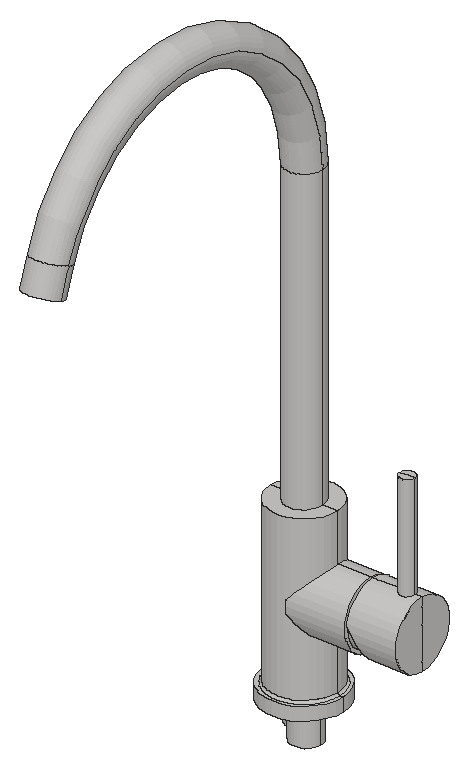
Revit family "Mixer-Sink-Caroma Titan1", category Plumbing Fixtures, host Face, Revit 2013
Parameters (values of type "Titan Sink Mixer")
  Waste Connection = no
  Vent Connection = no
  URL = "http://www.caroma.com.au"
  Type Comments = "WELS 5 star rated, 6L/min, 35mm cartridge, 360 degree swivel outlet"  # constant formula
  ModifiedIssue_ANZRS = 2013.2  # constant formula
  Model = "99003SS5A"  # constant formula
  Material_ANZRS = Metal-Stainless Steel-Caroma
  Manufacturer = "GWA Bathrooms & Kitchens"  # constant formula
  HWFU = 2
  HW Connection = yes
  Description = "Caroma Titan Sink Mixer"  # constant formula
  Default Elevation = 0 mm
  CreatedBy_ANZRS = "Design Content"  # constant formula
  CreatedByURL_ANZRS = "www.designcontent.com.au"
  Cost = 353.64  # constant formula
  Connector Radius = 10 mm
  CWFU = 2
  CW Connection = yes
  Assembly Code = "C1030210"
Reference planes
  plane 1 "Center (Front/Back)": y = 0
  plane 2: z = 0
  plane 3 "Center (Left/Right)": x = 0
Forms (mm)
  Revolve 1, solid, material "Metal-Stainless Steel-Caroma" <- "Material_ANZRS"
    sketch origin (0, 0, 0) x (1, 0, 0) y (0, 0, 1)
      loop
        line (0, 0) -> (26.5, 0) -> (26.5, 9) -> (23.994, 9)
        arc (23.994, 9) -> (22.933, 9.439) -> (22.494, 10.5) r 1.5
        line (22.494, 10.5) -> (22.494, 120) -> (0, 120) -> (0, 0)
      axis (0, 120) -> (0, 0)
    angle from 0 to 360
  Revolve 2, solid, material "Metal-Stainless Steel-Caroma" <- "Material_ANZRS"
    sketch origin (280, 0, 0) x (1, 0, 0) y (0, 0, 1)
      loop
        line (-235, 85.582) -> (-235, 87.909) -> (-280, 87.909) -> (-280, 65.667) -> (-220.594, 65.667) -> (-220.594, 78.891)
        arc (-220.594, 78.891) -> (-227.105, 83.725) -> (-235, 85.582) r 20.031
      axis (-220.594, 65.667) -> (-280, 65.667)
    angle from 0 to 360
  Revolve 3, solid, material "Metal-Stainless Steel-Caroma" <- "Material_ANZRS"
    sketch origin (342.803, 0, 0) x (1, 0, 0) y (0, 0, 1)
      loop
        line (-263.103, 65.667) -> (-263.103, 88.191) -> (-296.103, 88.191) -> (-296.103, 65.667) -> (-263.103, 65.667)
      axis (-263.103, 65.667) -> (-296.103, 65.667)
    angle from 0 to 360
  Revolve 4, solid, material "Metal-Stainless Steel-Caroma" <- "Material_ANZRS"
    sketch origin (402.819, 0, 18.349) x (1, 0, 0) y (0, 0, 1)
      loop
        line (-333.119, 139.851) -> (-333.119, 67.097) -> (-328.119, 67.097) -> (-328.119, 139.851) -> (-333.119, 139.851)
      axis (-333.119, 67.097) -> (-333.119, 139.851)
    angle from 0 to 360
  Extrusion 5, void
    sketch origin (0, 0, 0) x (1, 0, 0) y (0, 0, 1)
      loop
        line (41.798, 73.205) -> (41.798, 36.878) -> (58.086, 36.878)
        arc (58.086, 36.878) -> (53.874, 56.804) -> (41.798, 73.205) r 48.137
    from -50 to 50
  Sweep 6, solid, material "Metal-Stainless Steel-Caroma" <- "Material_ANZRS"
    path origin (0, 0, 0) x (0, 1, 0) y (0, 0, 1)
      loop
        line (0, 120) -> (0, 322.683)
        arc (0, 322.683) -> (-91.693, 430.994) -> (-213.652, 358.436) r 109.818
        line (-213.652, 358.436) -> (-220, 340)
    profile origin (0, 0, 221.341) x (0, -1, 0) y (1, 0, 0)
      loop
        circle (0, 0) r 12.5
  Extrusion 7, solid, material "Metal-Stainless Steel-Caroma" <- "Material_ANZRS"
    sketch origin (14.2, 0, 0) x (1, 0, 0) y (0, 1, 0)
      loop
        circle (-7.071, -7.071) r 10
    from -20 to 0
  Extrusion 8, solid, material "Metal-Stainless Steel-Caroma" <- "Material_ANZRS"
    sketch origin (-14.2, 0, 0) x (-1, 0, 0) y (0, -1, 0)
      loop
        circle (-7.071, -7.071) r 10
    from -20 to 0
Cuts and joins
  Extrusion 5 cuts Revolve 3
  joined: Revolve 1, Revolve 2, Revolve 3, Revolve 4
Lines and regions (mm)
  Masking region 1
    outline origin (0, 0, 0) x (1, 0, 0) y (0, 1, 0)
      loop
        arc (14.405, 22.243) -> (-22.824, 13.464) -> (-12.5, -23.367) r 26.5
        line (-12.5, -23.367) -> (-12.5, -219.331)
        arc (-12.5, -219.331) -> (0, -231.831) -> (12.5, -219.331) r 12.5
        line (12.5, -219.331) -> (12.5, -23.367)
        arc (12.5, -23.367) -> (13.464, -22.824) -> (14.405, -22.243) r 26.5
        line (14.405, -22.243) -> (45, -22.243) -> (45, -19.915) -> (46.7, -19.768) -> (46.7, -22.524) -> (79.7, -22.524) -> (79.7, 22.524) -> (46.7, 22.524) -> (46.7, 19.634) -> (45, 19.915) -> (45, 22.243) -> (14.405, 22.243)
  Masking region 2
    outline origin (0, 0, 0) x (1, 0, 0) y (0, 0, 1)
      loop
        line (26.5, 0) -> (26.5, 9) -> (23.994, 9)
        arc (23.994, 9) -> (22.933, 9.439) -> (22.494, 10.5) r 1.5
        line (22.494, 10.5) -> (22.494, 43.424) -> (45, 43.424) -> (45, 45.751)
        arc (45, 45.751) -> (51.01, 46.847) -> (56.411, 49.702) r 20.04
        arc (56.411, 49.702) -> (57.173, 46.445) -> (57.707, 43.143) r 48.137
        line (57.707, 43.143) -> (79.7, 43.143) -> (79.7, 88.191) -> (74.7, 88.191) -> (74.7, 158.2) -> (64.7, 158.2) -> (64.7, 88.191) -> (46.7, 88.191) -> (46.7, 85.463) -> (45, 85.582) -> (45, 87.909) -> (22.494, 87.909) -> (22.494, 120) -> (12.5, 120) -> (12.5, 432.513)
        arc (12.5, 432.513) -> (0, 445.013) -> (-12.5, 432.513) r 12.5
        line (-12.5, 432.513) -> (-12.5, 120) -> (-22.494, 120) -> (-22.494, 10.5)
        arc (-22.494, 10.5) -> (-22.933, 9.439) -> (-23.994, 9) r 1.5
        line (-23.994, 9) -> (-26.5, 9) -> (-26.5, 0) -> (26.5, 0)
  Masking region 3
    outline origin (0, 0, 0) x (0, 1, 0) y (0, 0, 1)
      loop
        line (-26.5, 0) -> (26.5, 0) -> (26.5, 9) -> (23.994, 9)
        arc (23.994, 9) -> (22.933, 9.439) -> (22.494, 10.5) r 1.5
        line (22.494, 10.5) -> (22.494, 120) -> (12.5, 120) -> (12.5, 322.683)
        arc (12.5, 322.683) -> (-89.629, 443.323) -> (-225.471, 362.505) r 122.318
        line (-225.471, 362.505) -> (-231.819, 344.07) -> (-208.181, 335.931) -> (-201.833, 354.366)
        arc (-201.833, 354.366) -> (-93.756, 418.665) -> (-12.5, 322.683) r 97.318
        line (-12.5, 322.683) -> (-12.5, 120) -> (-22.494, 120) -> (-22.494, 10.5)
        arc (-22.494, 10.5) -> (-22.933, 9.439) -> (-23.994, 9) r 1.5
        line (-23.994, 9) -> (-26.5, 9) -> (-26.5, 0)
  symbolic lines
    curve 1: arc (-12.5, 0, 0) -> (0, 12.5, 0) -> (12.5, 0, 0) r 12.5
    curve 2: arc (22.494, 0, 0) -> (-10.602, 19.839, 0) -> (-12.5, -18.701, 0) r 22.494
    curve 3: arc (12.5, -18.701, 0) -> (19.839, -10.602, 0) -> (22.494, 0, 0) r 22.494
    curve 4: line (45, 22.243, 0) -> (45, -22.243, 0)
    curve 5: line (46.7, 22.524, 0) -> (46.7, -22.524, 0)
    curve 6: line (79.7, -22.524, 0) -> (46.7, -22.524, 0)
    curve 7: line (79.7, -22.524, 0) -> (79.7, 22.524, 0)
    curve 8: line (79.7, 22.524, 0) -> (46.7, 22.524, 0)
    curve 9: arc (74.7, 0, 0) -> (69.7, 5, 0) -> (64.7, 0, 0) r 5
    curve 10: arc (64.7, 0, 0) -> (69.7, -5, 0) -> (74.7, 0, 0) r 5
    curve 11: line (45, 22.243, 0) -> (3.351, 22.243, 0)
    curve 12: line (45, -22.243, 0) -> (12.5, -22.243, 0)
    curve 13: line (12.5, 0, 0) -> (12.5, -40, 0)
    curve 14: line (-12.5, 0, 0) -> (-12.5, -40, 0)
    curve 15: line (26.5, 0, 9) -> (-26.5, 0, 9)
    curve 16: line (45, 0, 43.424) -> (45, 0, 87.909)
    curve 17: line (46.7, 0, 68.2) -> (46.7, 0, 88.191)
    curve 18: arc (57.707, 0, 43.143) -> (54.022, 0, 56.47) -> (46.7, 0, 68.2) r 48.137
    curve 19: line (74.7, 0, 88.191) -> (64.7, 0, 88.191)
    curve 20: line (22.494, 0, 87.909) -> (22.494, 0, 43.424)
    curve 21: line (22.494, 0, 120) -> (-22.494, 0, 120)
    curve 22: line (0, 22.494, 120) -> (0, 0, 120)
    curve 23: line (0, 0, 120) -> (0, -22.494, 120)
    curve 24: line (0, 0, 9) -> (0, -26.5, 9)
    curve 25: line (0, 26.5, 9) -> (0, 0, 9)
    curve 26: spline (12.5, 0, 340) -> (12.074, 0, 341.053) -> (10.825, 0, 342.035) -> (8.839, 0, 342.878) -> (6.25, 0, 343.525) -> (3.235, 0, 343.931) -> (0, 0, 344.07) -> (-3.235, 0, 343.931) -> (-6.25, 0, 343.525) -> (-8.839, 0, 342.878) -> (-10.825, 0, 342.035) -> (-12.074, 0, 341.053) -> (-12.5, 0, 340)
    curve 27: spline (-12.5, 0, 340) -> (-12.074, 0, 338.947) -> (-10.825, 0, 337.965) -> (-8.839, 0, 337.123) -> (-6.25, 0, 336.476) -> (-3.235, 0, 336.069) -> (0, 0, 335.931) -> (3.235, 0, 336.069) -> (6.25, 0, 336.476) -> (8.839, 0, 337.123) -> (10.825, 0, 337.965) -> (12.074, 0, 338.947) -> (12.5, 0, 340)
Dimensions and locks
  aligned and locked: plane 2 to host face
  aligned and locked: level to host face
Connectors
  piping at (7.129, -7.071, -20), driven by "Connector Radius", driven by "CWFU"
    settings: on Extrusion 7, index 5, connector radius 0.3937", flow factor 0, pipe flow 0 GPM, pressure drop 0.00 psi, fitting loss kfactor 0, connector angle 0.00°, fixture units 2, engagement length 0 mm, flow configuration 3, flow direction 1, fitting loss method 1, system type 20, joint type 0, gender type 0, connector reference index -1, connector utility 0, adjustable connector no, is connector primary yes, fitting loss table "Outlet", connector description "Cold Inlet"
  piping at (-7.129, 7.071, -20), driven by "Connector Radius", driven by "HWFU"
    settings: on Extrusion 8, index 6, connector radius 0.3937", flow factor 0, pipe flow 0 GPM, pressure drop 0.00 psi, fitting loss kfactor 0, connector angle 0.00°, fixture units 2, engagement length 0 mm, flow configuration 3, flow direction 1, fitting loss method 1, system type 19, joint type 0, gender type 0, connector reference index -1, connector utility 0, adjustable connector no, is connector primary no, fitting loss table "Outlet", connector description "Hot Inlet"
